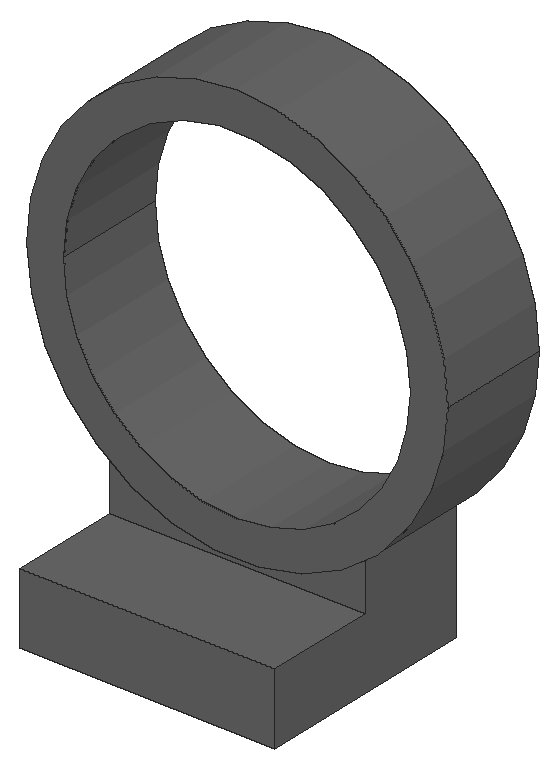
Revit family "Grohe_GlassSoapDishHolder_Selection_41217KF0", category Plumbing Fixtures, host Face, Revit 2020
Family settings
  Host = Face
  Round Connector Dimension = Use Diameter
  Part Type = Normal
  OmniClass Number = 23.45.05.00
  OmniClass Title = Sanitary Equipment
  Cut with Voids When Loaded = No
  Shared = No
  Room Calculation Point = No
Parameters (values of type "SELECTION Glass Soap Dish Holder (41217KF0)")
  _ObjectUserGuide = "https://www.bimstore.co/products/grohe-41217KF0/document/object-user-guide"
  _DistributedBy = "https://www.bimstore.co/"
  _CurrentRevision = 1
  _CreatedBy = "https://www.bimstore.co/"
  _BimSpecGuid = 0
  _BSBibleVersion = 17
  _AuthorizedBy = "bimstore"
  _Author = "AM 147"
  Waste Connection = no
  WarrantyStartDate [instance] = "Please Record On Commissioning."
  WarrantyGuarantorParts = "info-uk@grohe.com"
  WarrantyGuarantorLabor = "info-uk@grohe.com"
  WarrantyDurationUnit = "Years"
  WarrantyDurationParts = "0"
  WarrantyDurationLabor = "0"
  WarrantyDescription = "n/a"
  Vent Connection = no
  URL = "https://www.grohe.co.uk/"
  TypeName = "SELECTION Glass Soap Dish Holder"
  Type Comments = "SELECTION Glass Soap Dish Holder"
  TPIDocumentLink = "https://cdn.cloud.grohe.com/tpi/2000/2100/2170/2171/2171289/original/2171289.pdf"
  SustainabilityReport = "green.grohe.com/reporting"
  SustainabilityAward = "green.grohe.com/awards"
  SpareParts = "info-uk@grohe.com"
  Size = "n/a"
  Shape = "n/a"
  SerialNumber [instance] = "Please Record On Commissioning."
  ReplacementCost = "n/a"
  ReferencedStandard = "n/a"
  ProductionYear = "2023"
  ProductType = "Accessory Bath"
  ProductShortText = "Glass/soap dish holder"
  ProductPageURL = "https://www.grohe.co.uk/en_gb/-41217KF0.html"
  ProductNumber = "41217KF0"
  ProductDescription = "material: metal\r\n\r\nfor Selection soap dispenser (41 028 xx0/41 218 KF0) or Selection glass (41 029 000)\r\n\r\nconcealed fastening\r\n\r\nGROHE Long-Life Shine finish"
  PrimaryMaterial = Grohe_MattBlack
  PQDiagramLink = "n/a"
  NominalLength = 0.0 mm
  NominalHeight = 0.0 mm
  NominalDepth = 0.0 mm
  NBSReference = "45-35-72/356"
  NBSOfficeMasterTag = "n/a"
  NBSObjectName = "Grohe - Soap dishes"
  NBSNote = "n/a"
  NBSDescription = "Soap dishes"
  ModelReference = "SELECTION Glass Soap Dish Holder"
  ModelNumber = "41217KF0"
  Model = "SELECTION Glass Soap Dish Holder"
  Material = "n/a"
  ManufacturerName = "Grohe"
  Manufacturer = "Grohe"
  Keynote = "N13"
  InstallationDate [instance] = "Please Record On Commissioning."
  IfcExportType = "IfcPipeFittingType"
  IfcExportAs = "IfcPipeFitting"
  HW Connection = no
  Grade = "n/a"
  GROHESustainability = "green.grohe.com"
  GROHESocialCommittment = "green.grohe.com/social_engagement"
  FullRecyclabilityOfPlastic = "All plastic components are fully recyclable"
  Finish = "n/a"
  Features = "n/a"
  ExpectedLife = 0
  Ecojoy = no
  EF025109 = "Other"
  EF024897 = "Other"
  EF024497 = "FALSE"
  EF024463 = "Round"
  EF024052 = "not relevant"
  EF024051 = "FALSE"
  EF023790 = "FALSE"
  EF023686 = "Other"
  EF022454 = "FALSE"
  EF022280 = "TRUE"
  EF022116 = "Flat rod"
  EF020363 = "FALSE"
  EF011623 = "Other"
  EF011622 = "1"
  EF011621 = "Angular"
  EF006009 = "TRUE"
  EF002169 = "Other"
  EF000664 = "TRUE"
  EF000139 = "Lacquered"
  EF000049 = 66.0 mm
  EF000040 = 30.0 mm
  EF000008 = 56.0 mm
  EF000007 = "Black"
  DurationUnit = "Years"
  DocumentationTechnical = "https://www.bimstore.co/products/grohe-41217KF0/document/technical-data-sheet"
  DocumentationMaintenance = "https://www.bimstore.co/products/grohe-41217KF0/document/maintenance-information"
  DocumentationLiterature = "https://www.bimstore.co/products/grohe-41217KF0/document/product-literature"
  DocumentationInstallationGuide = "https://www.bimstore.co/products/grohe-41217KF0/document/installation-guide"
  DocumentationCertificates = "https://www.bimstore.co/products/grohe-41217KF0/document/product-certificates"
  DimensionsDocumentLink = "https://cdn.cloud.grohe.com/dimdraw/100000/100000/100000/100100/100150/100153/100153886/1280/100153886.jpg"
  Description = "SELECTION Glass Soap Dish Holder"
  Default Elevation = 0.0 mm
  CreatedOn = "2023-03-01T09:00:00"
  CreatedBy = "info-uk@grohe.com"
  CradleToCradleCertification = "n/a"
  Cost = 0
  Constituents = "n/a"
  Color = "Matt Black"
  CodePerformance = "n/a"
  ClassificationValue = "Pr_40_20_76_82"
  ClassificationName = "Uniclass2015"
  CW Connection = no
  CO2NeutralProduction = "GROHE is one of the first leading manufacturer within the sanitary industry having a CO2-neutral production."
  BarCode [instance] = "Please Record On Commissioning."
  BIMObjectName = "Grohe_GlassSoapDishHolder_Selection_41217KF0"
  AssetType = "Fixed"
  AssetIdentifier [instance] = "n/a"
  Assembly Code = "D2010"
  AccessibilityPerformance = "n/a"
Reference planes
  plane 1 "Center (Front/Back)": y = 0
  plane 2: z = 0
  plane 3 "Center (Left/Right)": x = 0
  plane 4: z = 38
Forms (mm)
  Extrusion 1, solid, material "Grohe_MattBlack" <- "PrimaryMaterial"
    sketch origin (0, 0, 0) x (1, 0, 0) y (0, 0, 1)
      loop
        circle (0, 38) r 28
      loop
        circle (0, 38) r 23.1
    from -15.1 to 0.1
  Extrusion 2, solid, material "Grohe_MattBlack" <- "PrimaryMaterial"
    sketch origin (0, 0, 0) x (0, 1, 0) y (0, 0, 1)
      loop
        line (-15, 9.5) -> (-15, 0) -> (0, 0) -> (0, 9.5) -> (-15, 9.5)
    from -17 to 17
  Extrusion 3, solid, material "Grohe_MattBlack" <- "PrimaryMaterial"
    sketch origin (0, 0, 0) x (1, 0, 0) y (0, 0, 1)
      loop
        line (17, 0) -> (17, 15.751)
        arc (17, 15.751) -> (0, 10) -> (-17, 15.751) r 28
        line (-17, 15.751) -> (-17, 0) -> (17, 0)
    from -15 to 0
Cuts and joins
  joined: Extrusion 2, Extrusion 3
Dimensions and locks
  aligned and locked: plane 2 to host face
  aligned and locked: level to host face
